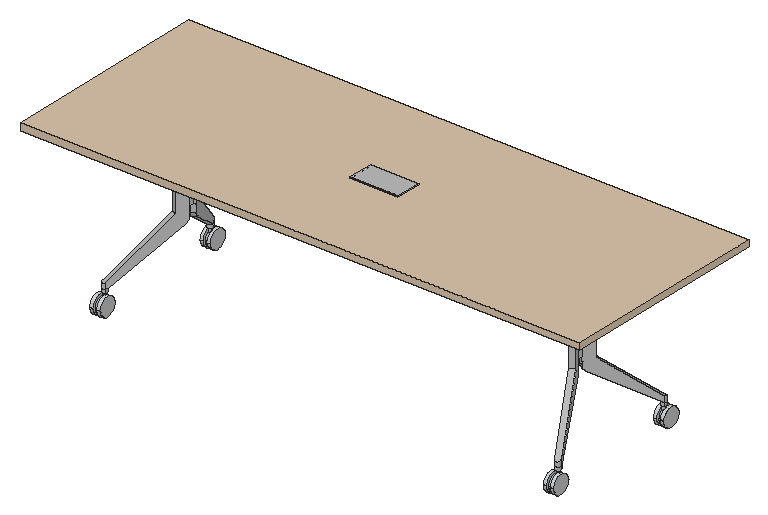
Revit family "Haworth_Planes_CollaborativeTable_Rectangular", category Furniture Systems, Revit 2018
Family settings
  Round Connector Dimension = Use Diameter
  Part Type = Normal
  OmniClass Number = 23.40.70.14.64.21
  OmniClass Title = Systems Furniture
  Work Plane-Based = No
  Always vertical = Yes
  Cut with Voids When Loaded = No
  Shared = No
  Room Calculation Point = No
Parameters (values of type "96w 36d")
  Width = 96"
  Warranty = "http://www.haworth.com/resources/product-info/warranties"
  URL - Product = "http://www.haworth.com/products/tables/collaborative/planes"
  Table Finish [instance] = Haworth _ Laminate _ Maple H-AE
  Table Edge Finish [instance] = Haworth _ Laminate _ Maple H-AE
  Sustainability Info = "https://www.haworth.com/company-info/sustainability"
  Stretcher Width = Actual Width - ([Support Spacing - From Edge] * 2)  # 66"
  Opening Single Wide = no
  Opening Single = not(Opening Single Wide)  # yes
  Knife Edge = not(Edgeband)  # no
  Flip Top Width = Cutout Width + 5/16"  # 8 5/16"
  Flip Top Finish = Haworth _ Paint _ Metallic Champagne
  Flip Top Depth = Cutout Depth + 7/16"  # 4 7/16"
  Edgeband = yes
  Depth = 36"
  Custom 36 = not(and(and(Depth = 36"), or(Width = 60", Width = 66", Width = 72", Width = 78", Width = 84", Width = 90", Width = 96")))  # no
  Model = "TARA"  # constant formula
  Leg Finish [instance] = Haworth _ Paint _ Metallic Champagne
  Glides = not(Casters)  # no
  Flip Top = yes
  Description = "Haworth - Planes Collaborative Table - Rectangular"  # constant formula
  Cutout Width = if(Opening Single Wide, 11", 8")  # 8"
  Cutout Depth = 4"  # constant formula
  Cutout = yes
  URL = "www.haworth.com"
  Table Thickness = 1 3/16"  # constant formula
  Support Spacing - From Edge = 15"  # constant formula
  Size = "Verify Final Dim. w/ Haworth"  # constant formula
  Revision Number = "6"  # constant formula
  Min/Max Width = "60-96 in. @ 6 in. increments"  # constant formula
  Min/Max Depth = "30 or 36 in."  # constant formula
  Min. Width = 60"  # constant formula
  Max. Width = if(Actual Depth < 36", 72", 96")  # 96"
  Min. Depth = 30"  # constant formula
  Max. Depth = 36"  # constant formula
  Manufacturer = "Haworth"  # constant formula
  Leg Height = Actual Height - Table Thickness  # 27 13/16"
  Custom Size = and(Custom 30, Custom 36)  # no
  Custom 30 = not(and(and(Depth = 30"), or(Width = 60", Width = 66", Width = 72")))  # yes
  Casters = yes
  Caster Finish = Haworth _ Paint _ Metallic Champagne
  Author = "Haworth (Alias), SHAPE Environments, LLC"  # constant formula
  Assembly Code = "E2020200"
  Actual Width = if(Width < Min. Width, Min. Width, if(Width > Max. Width, Max. Width, Width))  # 96"
  Actual Height = 29"  # constant formula
  Actual Depth = if(Depth > Max. Depth, Max. Depth, if(Depth < Min. Depth, Min. Depth, Depth))  # 36"
Reference planes (in)
  plane 1 "Center F/B": y = 0
  plane 2: z = 0
  plane 3 "Center L/R": x = 0
  plane 4 "Table Edge Left": x = -48
  plane 5 "Table Edge Right": x = 48
  plane 6 "Table Edge Front": y = 18
  plane 7 "Table Edge Back": y = -18
  plane 8 "Table Leg Left": x = -33
  plane 9 "Table Leg Right": x = 33
  plane 10 "Top": z = 29
Dimensions and locks (in)
  "Support Spacing - From Edge": plane 4 "Table Edge Left" to plane 8 "Table Leg Left"
  "Support Spacing - From Edge": plane 9 "Table Leg Right" to plane 5 "Table Edge Right"
  "Actual Width": plane 4 "Table Edge Left" to plane 5 "Table Edge Right"
  equal spacing: plane 4 "Table Edge Left", plane 3 "Center L/R", plane 5 "Table Edge Right"
  "Actual Depth": plane 6 "Table Edge Front" to plane 7 "Table Edge Back"
  equal spacing: plane 6 "Table Edge Front", plane 1 "Center F/B", plane 7 "Table Edge Back"
  "Actual Height": plane 10 "Top" to level
  aligned: plane 9 "Table Leg Right" to nested 2
  aligned: plane 8 "Table Leg Left" to nested 1
  aligned and locked: plane 8 "Table Leg Left" to nested 1
  aligned and locked: plane 9 "Table Leg Right" to nested 2
  aligned and locked: plane 2 to nested 3
  aligned and locked: plane 1 "Center F/B" to nested 3
  aligned and locked: plane 3 "Center L/R" to nested 3
  aligned and locked: nested 3 to nested 4  (x2)
  aligned and locked: nested 5 to plane 1 "Center F/B"
  aligned and locked: plane 3 "Center L/R" to nested 5
  aligned and locked: plane 2 to nested 5
  aligned and locked: nested 2 to plane 2
  aligned and locked: plane 2 to nested 1
  aligned and locked: nested 2 to plane 1 "Center F/B"
  aligned and locked: plane 1 "Center F/B" to nested 1
  aligned and locked: plane 10 "Top" to nested 4
Nested families (in)
  nested 1: "Haworth_Leg-Y_Part" at (-33, 0, 0), type "Leg"
  nested 2: "Haworth_Leg-Y_Part" at (33, 0, 0) x (-1, 0, 0) z (0, 0, 1), type "Leg"
  nested 3: "Haworth_Planes_Collaborative_Worksurface_Rectangular_Part" at (0, -15, 0), type "Worksurface"
    with Knife Edge no, Edgeband yes
  nested 4: "Haworth_Worksurface_FlipTop_Unit_Part" at (-0.57037, -0.05249, 29), visible <- "Flip Top", type "Single Sided"
    with Actual Width 8 5/16", Actual Depth 4 7/16"
  nested 5: "Haworth_Planes_CollaborativeTable_Stretcher_Part" at (0, -3.19283, 0), type "Stretcher"
    with Actual Width 66"
Definition of nested family "Haworth_Leg-Y_Part"
  Parameters (values of type "Leg")
    Leg Height = 27 13/16"
    Leg Finish = none
    Glides = no
    Casters = yes
    Caster Finish = none
    Assembly Code = ""
  Reference planes (in)
    plane 1 "Center (Front/Back)": y = 0
    plane 2 "Bottom": z = 0
    plane 3 "Center (Left/Right)": x = 0
    plane 4 "Top of Leg": z = 27.8125
    plane 5 "Y Leg Stand": x = -5.875
    plane 6 "Left Y Leg": through (-0.17621, 0.60996, 48) normal (-0.8829, -0.4695, 0)
    plane 7 "Left Post": x = -0.5625
    plane 8 "Left Support": y = 11.32793
    plane 9: through (-0.17621, -0.60996, 48) normal (0.8829, -0.4695, 0)
    plane 10: y = -11.32793
  Forms (in)
    Extrusion 1, solid, material <- "Leg Finish"
      sketch origin (-0.51599, 0, 0) x (1, 0, 0) y (0, 0, 1)
        loop
          line (0.28125, 13.625) -> (0.28125, 14.875) -> (-0.04651, 14.875) -> (-0.04651, 13.625) -> (0.28125, 13.625)
      from -1 to 1
    Extrusion 2, solid, material <- "Leg Finish"
      sketch origin (-0.17621, 0.60996, 48) x (0.469468, -0.88295, 0) y (0, 0, -1)
        loop
          line (-2, 34.75027) -> (-2, 20.1875) -> (0, 20.1875) -> (0, 34.38219) -> (-0.09992, 35.81107)
          arc (-0.09992, 35.81107) -> (-0.23667, 36.25861) -> (-0.55568, 36.601) r 1.04081
          line (-0.55568, 36.601) -> (-11.7751, 43.96035) -> (-12.64299, 43.96035) -> (-12.64299, 43.40736) -> (-2, 34.75027)
      from -0.4375 to 0.4375
    Extrusion 3, void
      sketch origin (0.73566, 0.86334, 0) x (0.88295, 0.469468, 0) y (-0.469468, 0.88295, 0)
        loop
          arc (-1.36158, 12.3432) -> (-0.92408, 12.7807) -> (-0.48658, 12.3432) r 0.4375
          line (-0.48658, 12.3432) -> (-0.31134, 12.3432) -> (-0.31134, 12.89092) -> (-1.53683, 12.89092) -> (-1.53683, 12.3432) -> (-1.36158, 12.3432)
      from 3.22588 to 5.51592
    Revolve 4, solid, material <- "Leg Finish", visible <- "Glides"
      sketch origin (-5.88448, -0.04176, 0) x (-0.000803, -1, 0) y (0, 0, 1)
        loop
          line (-11.36969, 3.4375) -> (-11.36969, 0) -> (-10.36969, 0) -> (-10.36969, 0.1875) -> (-10.93219, 0.1875) -> (-10.93219, 3.4375) -> (-11.36969, 3.4375)
        axis (-11.36969, 3.4375) -> (-11.36969, 0)
      angle from 0 to 360
    Extrusion 5, solid, material <- "Leg Finish"
      sketch origin (0.73566, 0.86334, 0) x (0.88295, 0.469468, 0) y (-0.469468, 0.88295, 0)
        loop
          circle (-0.92408, 12.3432) r 0.4375
      from 3.4375 to 4.03965
    Extrusion 6, solid, material <- "Leg Finish"
      sketch origin (-0.17621, -0.60996, 48) x (0.469468, 0.88295, 0) y (0, 0, 1)
        loop
          line (-2, -34.75027) -> (-12.64299, -43.40736) -> (-12.64299, -43.96035) -> (-11.7751, -43.96035) -> (-0.55568, -36.601)
          arc (-0.55568, -36.601) -> (-0.23667, -36.25861) -> (-0.09992, -35.81107) r 1.04081
          line (-0.09992, -35.81107) -> (0, -34.38219) -> (0, -20.1875) -> (-2, -20.1875) -> (-2, -34.75027)
      from -0.4375 to 0.4375
    Extrusion 7, void
      sketch origin (0.73566, -0.86334, 0) x (0.88295, -0.469468, 0) y (0.469468, 0.88295, 0)
        loop
          line (-1.36158, -12.3432) -> (-1.53683, -12.3432) -> (-1.53683, -12.89092) -> (-0.31134, -12.89092) -> (-0.31134, -12.3432) -> (-0.48658, -12.3432)
          arc (-0.48658, -12.3432) -> (-0.92408, -12.7807) -> (-1.36158, -12.3432) r 0.4375
      from 3.22588 to 5.51592
    Revolve 8, solid, material <- "Leg Finish", visible <- "Glides"
      sketch origin (-5.88378, 0.04176, 0) x (-0.000803, 1, 0) y (0, 0, -1)
        loop
          line (-11.36969, -3.4375) -> (-10.93219, -3.4375) -> (-10.93219, -0.1875) -> (-10.36969, -0.1875) -> (-10.36969, 0) -> (-11.36969, 0) -> (-11.36969, -3.4375)
        axis (-11.36969, -3.4375) -> (-11.36969, 0)
      angle from 0 to 360
    Extrusion 9, solid, material <- "Leg Finish"
      sketch origin (0.73566, -0.86334, 0) x (0.88295, -0.469468, 0) y (0.469468, 0.88295, 0)
        loop
          circle (-0.92408, -12.3432) r 0.4375
      from 3.4375 to 4.03965
  Cuts and joins
    Extrusion 3, Extrusion 7 cuts Extrusion 1
    Extrusion 3, Extrusion 7 cuts Extrusion 2
    Extrusion 7 cuts Extrusion 5
    Extrusion 7 cuts Extrusion 6
    Extrusion 7 cuts Extrusion 9
    joined: Extrusion 1, Extrusion 2, Extrusion 5, Extrusion 6, Extrusion 9
    Extrusion 7 cuts Revolve 4
    Extrusion 7 cuts Revolve 8
  Lines and regions (in)
    Masking region 1
      outline origin (0, 0, 0) x (1, 0, 0) y (0, 1, 0)
        loop
          line (0.21008, 0.81535) -> (-5.48871, 11.53332)
          arc (-5.48871, 11.53332) -> (-6.08039, 11.71422) -> (-6.26129, 11.12254) r 0.4375
          line (-6.26129, 11.12254) -> (-0.5625, 0.40456) -> (-0.5625, -0.40456) -> (-6.26129, -11.12254)
          arc (-6.26129, -11.12254) -> (-6.08039, -11.71422) -> (-5.48871, -11.53332) r 0.4375
          line (-5.48871, -11.53332) -> (0.21008, -0.81535) -> (-0.23474, -0.57883) -> (-0.23474, 0.57883) -> (0.21008, 0.81535)
    symbolic lines, visible <- "Glides"
      curve 1: circle (-5.875, -11.32793, 0) r 1 normal (0, 0, 1)
      curve 2: circle (-5.875, 11.32793, 0) r 1 normal (0, 0, 1)
  Dimensions and locks (in)
    "Leg Height": plane 4 "Top of Leg" to level
    plane 5 "Y Leg Stand" to plane 3 "Center (Left/Right)" = 5 7/8"
    locked: plane 7 "Left Post" to plane 3 "Center (Left/Right)" at 0.5625
  Automatic sketch dimensions
    plane 7 "Left Post" to Extrusion 1 sketch curve = 0"
    Extrusion 1 sketch curve to plane 3 "Center (Left/Right)" = 0.23474"
    level to Extrusion 1 sketch curve = 13 5/8"
    Extrusion 1 sketch curve to Extrusion 1 sketch curve = 1 1/4"
    plane 4 "Top of Leg" to Extrusion 2 sketch curve = 0"
    Extrusion 2 sketch curve to level = 4.59264"
    Extrusion 2 sketch curve to level = 4.03965"
    Extrusion 2 sketch curve to Extrusion 2 sketch curve = 0.86789"
    Extrusion 2 sketch curve to Extrusion 2 sketch curve = 10.64299"
    Extrusion 2 sketch curve to Extrusion 2 sketch curve = 0.86181"
    Extrusion 2 sketch curve to level = 11.399"
    Extrusion 2 sketch curve to Extrusion 2 sketch curve = 0.58251"
    Extrusion 2 sketch curve to level = 12.18893"
    Extrusion 2 sketch curve to Extrusion 2 sketch curve = 0.45577"
    Extrusion 2 sketch curve to Extrusion 2 sketch curve = 2"
    Extrusion 2 sketch curve to Extrusion 2 sketch curve = 0.98819"
    Extrusion 2 sketch curve to Extrusion 2 sketch curve = 1.42888"
    Extrusion 3 sketch curve to plane 5 "Y Leg Stand" = 0"
    Extrusion 3 sketch curve to plane 6 "Left Y Leg" = 0"
    Extrusion 3 sketch curve to plane 6 "Left Y Leg" = 7/16"
    Extrusion 3 sketch curve to Extrusion 3 sketch curve = 0.17524"  (x2)
    Extrusion 3 sketch curve to Extrusion 3 sketch curve = 0.54772"
    Revolve 4 sketch curve to level = 0"
    level to Revolve 4 sketch curve = 3.42885"
    Revolve 4 sketch curve to Revolve 4 sketch curve = 0"
    level to Revolve 4 sketch curve = 3/16"
    Revolve 4 sketch curve to Revolve 4 sketch curve = 7/16"
    Revolve 4 sketch curve to Revolve 4 sketch curve = 9/16"
    Revolve 4 sketch curve to level = 1.07115"
    Revolve 4 sketch curve to Revolve 4 sketch curve = 0.00865"
    Extrusion 5 sketch curve to plane 5 "Y Leg Stand" = 0"
    Extrusion 5 sketch curve to plane 6 "Left Y Leg" = 0"
    Extrusion 6 sketch curve to plane 4 "Top of Leg" = 0"
    level to Extrusion 6 sketch curve = 4.59264"
    level to Extrusion 6 sketch curve = 4.03965"
    Extrusion 6 sketch curve to Extrusion 6 sketch curve = 0.86789"
    Extrusion 6 sketch curve to Extrusion 6 sketch curve = 10.64299"
    Extrusion 6 sketch curve to Extrusion 6 sketch curve = 0.86181"
    level to Extrusion 6 sketch curve = 11.399"
    Extrusion 6 sketch curve to Extrusion 6 sketch curve = 0.58251"
    level to Extrusion 6 sketch curve = 12.18893"
    Extrusion 6 sketch curve to Extrusion 6 sketch curve = 0.45577"
    Extrusion 6 sketch curve to Extrusion 6 sketch curve = 2"
    Extrusion 6 sketch curve to Extrusion 6 sketch curve = 0.98819"
    Extrusion 6 sketch curve to Extrusion 6 sketch curve = 1.42888"
    Extrusion 7 sketch curve to plane 5 "Y Leg Stand" = 0"
    plane 9 to Extrusion 7 sketch curve = 0"
    plane 9 to Extrusion 7 sketch curve = 7/16"
    Extrusion 7 sketch curve to Extrusion 7 sketch curve = 0.17524"  (x2)
    Extrusion 7 sketch curve to Extrusion 7 sketch curve = 0.54772"
    Revolve 8 sketch curve to level = 0"
    level to Revolve 8 sketch curve = 3.42885"
    Revolve 8 sketch curve to Revolve 8 sketch curve = 0"
    level to Revolve 8 sketch curve = 3/16"
    Revolve 8 sketch curve to Revolve 8 sketch curve = 7/16"
    Revolve 8 sketch curve to Revolve 8 sketch curve = 9/16"
    Revolve 8 sketch curve to Revolve 8 sketch curve = 0.00865"
    Revolve 8 sketch curve to level = 1.07115"
    Extrusion 9 sketch curve to plane 5 "Y Leg Stand" = 0"
    plane 9 to Extrusion 9 sketch curve = 0"
    Masking region 1 sketch curve to plane 5 "Y Leg Stand" = 0"  (x2)
    Masking region 1 sketch curve to plane 7 "Left Post" = 0"
    plane 9 to Masking region 1 sketch curve = 0"
    Masking region 1 sketch curve to plane 6 "Left Y Leg" = 0"
    plane 5 "Y Leg Stand" to Masking region 1 sketch curve = 0.38629"  (x2)
    Masking region 1 sketch curve to plane 8 "Left Support" = 0.20539"
    plane 10 to Masking region 1 sketch curve = 0.20539"
    plane 8 "Left Support" to Masking region 1 sketch curve = 0.20539"
    plane 3 "Center (Left/Right)" to Masking region 1 sketch curve = 0.21008"  (x2)
    Masking region 1 sketch curve to plane 3 "Center (Left/Right)" = 0.23474"
    Masking region 1 sketch curve to Masking region 1 sketch curve = 0.17427"  (x2)
    Masking region 1 sketch curve to plane 5 "Y Leg Stand" = 0.38629"
    plane 1 "Center (Front/Back)" to Masking region 1 sketch curve = 0.81535"
    Masking region 1 sketch curve to plane 1 "Center (Front/Back)" = 0.40456"
    curve 2 to plane 5 "Y Leg Stand" = 0"
    curve 1 to plane 5 "Y Leg Stand" = 0"
    plane 9 to curve 1 = 0"
    curve 2 to plane 6 "Left Y Leg" = 0"
    radius of Extrusion 5 sketch curve = 7/16"
    radius of Extrusion 9 sketch curve = 7/16"
    radius of curve 1 = 1"
    radius of curve 2 = 1"
  Nested families (in)
    nested 1: "Haworth_3in Caster" at (-5.875, 11.32793, 0), visible <- "Casters", type "Haworth_3in Caster"
    nested 2: "Haworth_3in Caster" at (-5.875, -11.32793, 0), visible <- "Casters", type "Haworth_3in Caster"
  Definition of nested family "Haworth_3in Caster"
    Parameters (values of type "Haworth_3in Caster")
      Glides = yes
      Caster Finish = none
      Cart Leg Finish = none
      Assembly Code = ""
    Reference planes (in)
      plane 1 "Center (Front/Back)": y = 0
      plane 2: z = 0
      plane 3 "Center (Left/Right)": x = 0
    Forms (in)
      Extrusion 1, solid
        sketch origin (0, 0, -0.02118) x (0, 1, 0) y (0, 0, 1)
          loop
            circle (-0.48695, 1.58368) r 1.5625
        from 0.875 to 0.3125
      Extrusion 2, solid
        sketch origin (0, 0, -0.02118) x (0, 1, 0) y (0, 0, 1)
          loop
            circle (-0.48695, 1.58368) r 1.5625
        from -0.875 to -0.3125
      Extrusion 3, solid
        sketch origin (0, 0, 0) x (0, 1, 0) y (0, 0, 1)
          loop
            circle (-0.48695, 1.5625) r 1.3125
        from -0.3125 to 0.3125
      Extrusion 4, solid
        sketch origin (0, 0, 0) x (1, 0, 0) y (0, 1, 0)
          loop
            circle (0, 0) r 0.25
        from 2.4375 to 3.4375
    Cuts and joins
      joined: Extrusion 3, Extrusion 4
    Lines and regions (in)
      Masking region 1
        outline origin (0, 0, 0) x (1, 0, 0) y (0, 1, 0)
          loop
            line (-0.875, 1.07555) -> (-0.875, -2.04945) -> (-0.3125, -2.04945) -> (-0.3125, -1.79945) -> (0.3125, -1.79945) -> (0.3125, -2.04945) -> (0.875, -2.04945) -> (0.875, 1.07555) -> (0.3125, 1.07555) -> (0.3125, 0.82555) -> (-0.3125, 0.82555) -> (-0.3125, 1.07555) -> (-0.875, 1.07555)
      symbolic lines
        curve 1: circle (0, 0, 0) r 0.25 normal (0, 0, 1)
    Dimensions and locks (in)
      plane 3 "Center (Left/Right)" to Extrusion 2 = 5/16"
      Extrusion 1 to plane 3 "Center (Left/Right)" = 7/8"
Definition of nested family "Haworth_Planes_Collaborative_Worksurface_Rectangular_Part"
  Parameters (values of type "Worksurface")
    Width = 0"
    Warranty = "http://www.haworth.com/resources/product-info/warranties"
    URL - Product = ""
    URL = "www.haworth.com"
    Thickness = 1 3/16"  # constant formula
    Table Finish = none
    Table Edge Finish = none
    Size = "Verify Final Dim. w/ Haworth"  # constant formula
    Revision Number = ""
    Model = "Haworth Planes"  # constant formula
    Manufacturer = "Haworth"  # constant formula
    Knife Edge = yes
    Height = 0"
    Edgeband = no
    Description = "Haworth Planes Collaborative Worksurface - Part"
    Cutout Width = 8"
    Cutout Dimension = if(Cutout, 3", 1")  # 3"
    Cutout Depth = 4"
    Cutout = yes
    Author = "SHAPE Environments, LLC"  # constant formula
    Assembly Code = ""
    Actual Width = 96"
    Actual Height = 29"
    Actual Depth = 36"
  Reference planes (in)
    plane 1 "Center F/B": y = 15
    plane 2: z = 0
    plane 3 "Center L/R": x = 0
    plane 4 "Table Front": y = 33
    plane 5 "Table Right": x = 48
    plane 6 "Table Left": x = -48
    plane 7 "Table Back": y = -3
    plane 8 "Table Top": z = 29
    plane 9 "Table Bottom": z = 27.8125
    plane 10 "Cutout Top": z = 30
    plane 11 "Cutout Bottom": z = 27
    plane 12 "Knife Edge Middle": z = 28.625
    plane 13 "Cutout Back": y = 17
    plane 14 "Cutout Front": y = 13
    plane 15 "Cutout Middle": y = 15
    plane 16 "Left Knife Bottom": x = -46
    plane 17 "Right Knife Bottom": x = 46
    plane 18 "Back Knife Bottom": y = 31
    plane 19 "Front Knife Bottom": y = -1
  Forms (in)
    Extrusion 1, solid, material <- "Table Finish", visible <- "Edgeband"
      sketch origin (0, 0, 0) x (1, 0, 0) y (0, 1, 0)
        loop
          line (-48, 33) -> (-48, -3) -> (48, -3) -> (48, 33) -> (-48, 33)
      from 27.8125 to 29
    Extrusion 2, solid, material <- "Table Finish", visible <- "Knife Edge"
      sketch origin (0, 0, 0) x (1, 0, 0) y (0, 1, 0)
        loop
          line (-48, 33) -> (-48, -3) -> (48, -3) -> (48, 33) -> (-48, 33)
      from 29 to 28.625
    Extrusion 3, void
      sketch origin (0, 0, 29) x (-1, 0, 0) y (0, -1, 0)
        loop
          line (4, -17) -> (4, -13) -> (-4, -13) -> (-4, -17) -> (4, -17)
      from -2 to 1
    Blend 4, solid, material <- "Table Finish", visible <- "Knife Edge"
      base sketch origin (0, 0, 0) x (1, 0, 0) y (0, 1, 0)
        loop
          line (46, -1) -> (46, 31) -> (-46, 31) -> (-46, -1) -> (46, -1)
      top sketch origin (0, 0, 0) x (1, 0, 0) y (0, 1, 0)
        loop
          line (-48, 33) -> (-48, -3) -> (48, -3) -> (48, 33) -> (-48, 33)
      from 27.8125 to 28.625
  Cuts and joins
    Extrusion 3 cuts Extrusion 2
    Extrusion 3 cuts Blend 4
    joined: Extrusion 2, Blend 4
    Extrusion 3 cuts Extrusion 1
  Lines and regions (in)
    Masking region 1
      outline origin (0, 0, 0) x (1, 0, 0) y (0, 1, 0)
        loop
          line (-48, 33) -> (-48, -3) -> (48, -3) -> (48, 33) -> (-48, 33)
    symbolic lines, visible <- "Cutout"
      curve 1: line (-4, 17, 0) -> (-4, 13, 0)
      curve 2: line (-4, 13, 0) -> (4, 13, 0)
      curve 3: line (4, 13, 0) -> (4, 17, 0)
      curve 4: line (4, 17, 0) -> (-4, 17, 0)
    symbolic lines, visible <- "Knife Edge", detail levels medium+fine
      curve 5: line (-46, -1, 0) -> (48, -1, 0)
      curve 6: line (-46, -1, 0) -> (-46, 31, 0)
      curve 7: line (-46, 31, 0) -> (46, 31, 0)
      curve 8: line (46, 31, 0) -> (46, -1, 0)
  Dimensions and locks (in)
    "Actual Depth": plane 7 "Table Back" to plane 4 "Table Front"
    "Actual Width": plane 6 "Table Left" to plane 5 "Table Right"
    equal spacing: plane 6 "Table Left", plane 3 "Center L/R", plane 5 "Table Right"
    equal spacing: plane 4 "Table Front", plane 1 "Center F/B", plane 7 "Table Back"
    "Thickness": plane 8 "Table Top" to plane 9 "Table Bottom"
    "Actual Height": plane 8 "Table Top" to level
    equal spacing: Extrusion 3 sketch curve, plane 3 "Center L/R", Extrusion 3 sketch curve
    "Cutout Width": Extrusion 3 sketch curve to Extrusion 3 sketch curve
    locked: plane 10 "Cutout Top" to plane 8 "Table Top" at 1
    "Cutout Dimension": plane 10 "Cutout Top" to plane 11 "Cutout Bottom"
    locked: plane 8 "Table Top" to plane 12 "Knife Edge Middle" at 0.375
    "Cutout Depth": plane 14 "Cutout Front" to plane 13 "Cutout Back"
    equal spacing: plane 14 "Cutout Front", plane 15 "Cutout Middle", plane 13 "Cutout Back"
    locked: plane 18 "Back Knife Bottom" to plane 4 "Table Front" at 2
    locked: plane 6 "Table Left" to plane 16 "Left Knife Bottom" at 2
    locked: plane 17 "Right Knife Bottom" to plane 5 "Table Right" at 2
    locked: plane 19 "Front Knife Bottom" to plane 7 "Table Back" at 2
    aligned and locked: plane 6 "Table Left" to Extrusion 1 sketch curve
    aligned and locked: Extrusion 1 sketch curve to plane 4 "Table Front"
    aligned and locked: plane 7 "Table Back" to Extrusion 1 sketch curve
    aligned and locked: plane 5 "Table Right" to Extrusion 1 sketch curve
    aligned and locked: plane 8 "Table Top" to Extrusion 1
    aligned and locked: Extrusion 1 to plane 9 "Table Bottom"
    aligned and locked: plane 6 "Table Left" to Extrusion 2 sketch curve
    aligned and locked: plane 5 "Table Right" to Extrusion 2 sketch curve
    aligned and locked: Extrusion 2 sketch curve to plane 4 "Table Front"
    aligned and locked: plane 10 "Cutout Top" to Extrusion 3
    aligned and locked: Extrusion 3 to plane 11 "Cutout Bottom"
    aligned and locked: Masking region 1 sketch curve to plane 7 "Table Back"
    aligned and locked: plane 6 "Table Left" to Masking region 1 sketch curve
    aligned and locked: Masking region 1 sketch curve to plane 4 "Table Front"
    aligned and locked: plane 5 "Table Right" to Masking region 1 sketch curve
    aligned and locked: curve 1 to Extrusion 3
    aligned and locked: Extrusion 3 to curve 3
    aligned and locked: plane 12 "Knife Edge Middle" to cut or joined group of Extrusion 2, Extrusion 3, Blend 4
    aligned and locked: plane 8 "Table Top" to cut or joined group of Extrusion 2, Extrusion 3, Blend 4
    aligned and locked: Extrusion 2 sketch curve to plane 7 "Table Back"
    aligned and locked: plane 5 "Table Right" to Blend 4 sketch curve
    aligned and locked: Blend 4 sketch curve to plane 7 "Table Back"
    aligned and locked: Blend 4 sketch curve to plane 4 "Table Front"
    aligned and locked: plane 6 "Table Left" to Blend 4 sketch curve
    aligned and locked: Blend 4 to plane 12 "Knife Edge Middle"
    aligned and locked: Blend 4 to plane 9 "Table Bottom"
    aligned and locked: plane 13 "Cutout Back" to Extrusion 3 sketch curve
    aligned and locked: Extrusion 3 sketch curve to plane 14 "Cutout Front"
    aligned and locked: plane 1 "Center F/B" to plane 15 "Cutout Middle"
    aligned and locked: plane 16 "Left Knife Bottom" to Blend 4 sketch curve
    aligned and locked: plane 18 "Back Knife Bottom" to Blend 4 sketch curve
    aligned and locked: plane 17 "Right Knife Bottom" to Blend 4 sketch curve
    aligned and locked: Blend 4 sketch curve to curve 5
    aligned and locked: plane 17 "Right Knife Bottom" to curve 8
    aligned and locked: plane 18 "Back Knife Bottom" to curve 7
    aligned and locked: plane 16 "Left Knife Bottom" to curve 6
  Automatic sketch dimensions
    curve 5 to plane 5 "Table Right" = 0"
    plane 14 "Cutout Front" to curve 3 = 0"
    plane 13 "Cutout Back" to curve 4 = 0"
    curve 5 to plane 19 "Front Knife Bottom" = 0"
Definition of nested family "Haworth_Worksurface_FlipTop_Unit_Part"
  Parameters (values of type "Single Sided")
    Warranty = "www.haworth.com/en-us/Products/Pages/Certifications.aspx"
    URL - Product = "www.haworth.com/en-us/Products/Furniture/Systems/Desking-Systems/Pages/Compose.aspx"
    URL = "www.haworth.com"
    Sustainability Info = "www.haworth.com/en-us/About-Us/Sustainability/Pages/Vision.aspx"
    Size = "Verify Final Dim. w/ Haworth"  # constant formula
    Revision Number = "2"  # constant formula
    Model = "Haworth_Worksurface-Flip_Top_Unit"  # constant formula
    Manufacturer = "Haworth"  # constant formula
    LEED Data = "www.haworth.com/_layouts/Haworth.ProductCatalog/Handlers/GetAsset.ashx/ComposeLEEDContributions.pdf?cid=27&rid=1824&type=Leed"
    Flip Top Finish = none
    Description = "Haworth Worksurface-Flip Top Unit - Part"
    Default Elevation = 48"
    Author = "SHAPE Environments, LLC"  # constant formula
    Assembly Code = "E2020200"
    Actual Width = 8 1/4"
    Actual Depth = 4 3/8"
  Reference planes (in)
    plane 1 "Center F/B": y = 0.05249
    plane 2: z = 0
    plane 3 "Center L/R": x = 0.57037
    plane 4 "Back": y = 2.23999
    plane 5 "Right": x = 4.69537
    plane 6 "Front": y = -2.13501
    plane 7 "Left": x = -3.55463
    plane 8 "Table Height": z = 0
  Forms (in)
    Extrusion 1, solid, material <- "Flip Top Finish"
      sketch origin (0, 0, 0) x (-1, 0, 0) y (0, -1, 0)
        loop
          line (3.55463, -2.23999) -> (3.55463, 2.13501) -> (-4.69537, 2.13501) -> (-4.69537, -2.23999) -> (3.55463, -2.23999)
      from 0 to 0.125
    Extrusion 2, solid, material <- "Flip Top Finish"
      sketch origin (0, 0, 0) x (-1, 0, 0) y (0, -1, 0)
        loop
          line (3.42963, -2.05249) -> (3.42963, 1.94751) -> (-4.57037, 1.94751) -> (-4.57037, -2.05249) -> (3.42963, -2.05249)
      from 0 to -2.75
  Cuts and joins
    joined: Extrusion 1, Extrusion 2
  Lines and regions (in)
    Masking region 1
      outline origin (0, 0, 0) x (1, 0, 0) y (0, 1, 0)
        loop
          line (-3.55463, 2.23999) -> (-3.55463, -2.13501) -> (4.69537, -2.13501) -> (4.69537, 2.23999) -> (-3.55463, 2.23999)
  Dimensions and locks (in)
    equal spacing: plane 7 "Left", plane 3 "Center L/R", plane 5 "Right"
    "Actual Width": plane 7 "Left" to plane 5 "Right"
    equal spacing: plane 6 "Front", plane 1 "Center F/B", plane 4 "Back"
    "Actual Depth": plane 4 "Back" to plane 6 "Front"
    plane 7 "Left" to Extrusion 2 sketch curve = 1/8"
    plane 4 "Back" to Extrusion 2 sketch curve = 3/16"
    Extrusion 2 sketch curve to plane 5 "Right" = 1/8"
    Extrusion 2 sketch curve to plane 6 "Front" = 3/16"
    locked: plane 8 "Table Height" to level
    aligned and locked: plane 7 "Left" to Extrusion 1 sketch curve
    aligned and locked: Extrusion 1 sketch curve to plane 4 "Back"
    aligned and locked: plane 6 "Front" to Extrusion 1 sketch curve
    aligned and locked: Extrusion 1 sketch curve to plane 5 "Right"
    aligned and locked: Masking region 1 sketch curve to cut or joined group of Extrusion 1, Extrusion 2  (x3)
    aligned and locked: cut or joined group of Extrusion 1, Extrusion 2 to Masking region 1 sketch curve
Definition of nested family "Haworth_Planes_CollaborativeTable_Stretcher_Part"
  Parameters (values of type "Stretcher")
    Warranty = "http://www.haworth.com/resources/product-info/warranties"
    URL - Product = "http://www.haworth.com/products/tables/training/planes"
    Type Comments = ""
    Sustainability Info = "http://media.haworth.com/asset/5175/Planes%20tables%20PEDS.pdf"
    Model = "Haworth Planes"  # constant formula
    Leg Finish = none
    Height = 26 245/256"  # constant formula
    Description = "Haworth - Planes Training - Table Stretcher"
    URL = "www.haworth.com"
    Size = "Verify Final Dim. w/ Haworth"  # constant formula
    Revision Number = "1"  # constant formula
    Manufacturer = "Haworth"  # constant formula
    Author = "Haworth (Alias)"  # constant formula
    Assembly Code = "E2020200"
    Actual Width = 46"
    Actual Depth = 4 119/128"  # constant formula
  Reference planes (in)
    plane 1 "Bottom": z = 0
    plane 2 "Center L/R": x = 0
    plane 3 "Left": x = -23
    plane 4 "Right": x = 23
    plane 5 "Center FB": y = 3.19283
    plane 6 "Back": y = 5.65767
    plane 7 "Front": y = 0.72799
  Forms (in)
    Extrusion 1, solid, material <- "Leg Finish"
      sketch origin (30, 0.35365, 0) x (0, 1, 0) y (0, 0, 1)
        loop
          line (0.37434, 26.95703) -> (0.37434, 25.33721)
          arc (0.37434, 25.33721) -> (0.44756, 25.16044) -> (0.62434, 25.08721) r 0.25
          line (0.62434, 25.08721) -> (5.05402, 25.08721)
          arc (5.05402, 25.08721) -> (5.2308, 25.16044) -> (5.30402, 25.33721) r 0.25
          line (5.30402, 25.33721) -> (5.30402, 26.95703) -> (0.37434, 26.95703)
      from -53 to -7
  Lines and regions (in)
    symbolic lines, detail levels medium+fine
      curve 1: line (-23, 0.72799, 29) -> (23, 0.72799, 29)
      curve 2: line (23, 5.65767, 29) -> (-23, 5.65767, 29)
  Dimensions and locks (in)
    "Actual Width": plane 3 "Left" to plane 4 "Right"
    equal spacing: plane 3 "Left", plane 2 "Center L/R", plane 4 "Right"
    equal spacing: plane 6 "Back", plane 5 "Center FB", plane 7 "Front"
    "Actual Depth": plane 6 "Back" to plane 7 "Front"
    "Height": Extrusion 1 sketch curve to plane 1 "Bottom"
    locked: Extrusion 1 sketch curve to Extrusion 1 sketch curve at 1.86982
    aligned and locked: plane 4 "Right" to Extrusion 1
    aligned and locked: Extrusion 1 to plane 3 "Left"
    aligned and locked: Extrusion 1 sketch curve to plane 7 "Front"
    aligned and locked: plane 6 "Back" to Extrusion 1 sketch curve
    aligned and locked: plane 7 "Front" to curve 1
    aligned and locked: plane 6 "Back" to curve 2
  Automatic sketch dimensions
    curve 1 to plane 4 "Right" = 0"
    curve 2 to plane 4 "Right" = 0"
    curve 2 to plane 3 "Left" = 0"
    curve 1 to plane 3 "Left" = 0"
    Extrusion 1 sketch curve to Extrusion 1 sketch curve = 1/4"
    Extrusion 1 sketch curve to plane 6 "Back" = 1/4"
